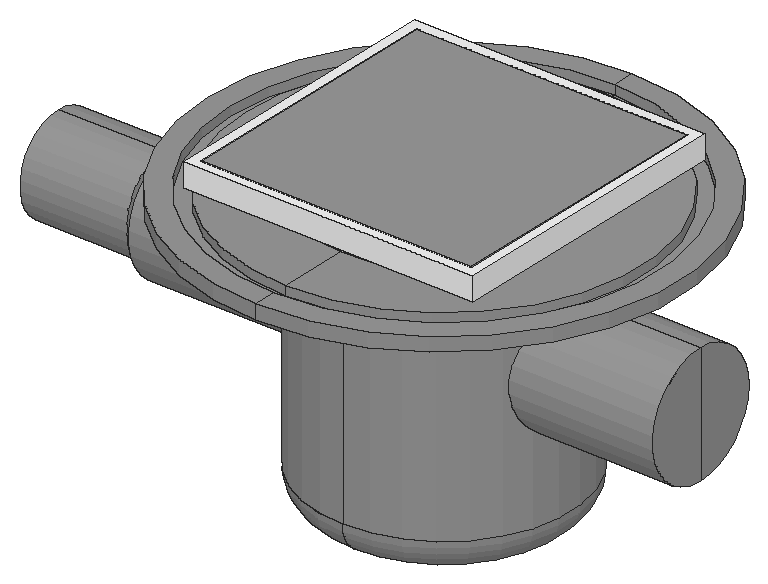
Revit family "HL_RU_Floor drain_HL300-A-160411", category Instalační zařizovací předměty, Revit 2021
Family settings
  Kóta kulaté spojky = Použít průměr
  Typ dílu = Normální
  Číslo OmniClass = 23.70.50.21.24.14
  Nadpis OmniClass = Deck Waste Water Drains
  Založené na pracovní rovině = Ne
  Vždy vertikální = Ano
  Ořezat dutým tvarem při načtení = Ne
  Sdílené = Ano
  Bod výpočtu místnosti = Ano
Parameters (values of type "131_HL300")
  РЕШЁТКА = "115x115mm / V2A"
  РАЗМЕР = "DN50"
  ПРОПУСКНАЯ СПОСОБНОСТЬ = 0.5 L/s
  ПРОИЗВОДИТЕЛЬНОСТЬ = "0,5 l/sec"
  ПРИЁМНОЕ ОТВЕРСТИЕ = "DN40/50"
  ПРАВОВАЯ ИНФОРМАЦИЯ = "Авторские права(©), права на дизайн или какие либо другие права интелектуальной собственности являются исключительной собственностью компании HL Hutterer & Lechner. Изменению не подлежит. Файл семейства с данными о прозводителе изделия защищен паролем с водяным знаком."  # constant formula
  НОМИНАЛЬНЫЙ ДИАМЕТР ПРИТОКА [instance] = 40 mm
  НОМИНАЛЬНЫЙ ДИАМЕТР = 50 mm
  НАСАДКА = "12-70mm / 123x123mm / PP"
  МАТЕРИАЛ = "PE"
  МАКСИМАЛЬНАЯ НАГРУЗКА КЛАССА = "K3 - 300 kg"
  ВЫСОТА МОНТАЖА = "135 mm"
  ВЕС = "0,80 [kg]"
  Výchozí výška = 0 mm
  Přípoj ventilace = no
  Výrobce = "HL Hutterer & Lechner GmbH"  # constant formula
  URL = "http://www.hutterer-lechner.com/ru/products/catalog/floor-drains/attachments/HL300.aspx"
  Přípoj odpadních dílů = yes
  Высота монтажа [instance] = 135 mm
  Přípoj HW = no
  Keynote = "HL300"
  Popis = "Трапы для внутренних помещений"
  Model = "HL300"
  Komentáře k typům = "HL300 Трап для внутренних помещений DN50 горизонтальный с приёмным отверстием DN40/50, 123х123мм/115х115мм"
  EAN = "9003076703005"
  DN_Test [instance] = if(or(НОМИНАЛЬНЫЙ ДИАМЕТР ПРИТОКА = 40 mm, НОМИНАЛЬНЫЙ ДИАМЕТР ПРИТОКА = 50 mm), 30 mm, 0 mm)  # 30 mm
  Přípoj CW = no
  C [instance] = if(НОМИНАЛЬНЫЙ ДИАМЕТР ПРИТОКА = 40 mm, 164 mm, 114 mm)  # 164 mm
  B [instance] = Высота монтажа - 71.3 mm  # 63.7 mm
  A [instance] = if(B - 100 mm > 15 mm, B - 100 mm, 15 mm)  # 15 mm
Reference planes
  plane 1 "Center (Front/Back)": y = 0
  plane 2: z = 0
  plane 3 "Center (Left/Right)": x = 0
  plane 4 "Ball Joint Vertical": x = 0
  plane 5: z = -63.7
  plane 6: z = -135
Lines and regions (mm)
  model lines, style "InvisibleLines", not visible
    curve 1: line (0, 0, 0) -> (0, 0, 963.723)
  symbolic lines, detail levels coarse+medium
    curve 2: line (-75, 75, 0) -> (75, 75, 0)
    curve 3: line (-75, -75, 0) -> (-75, 75, 0)
    curve 4: line (75, -75, 0) -> (-75, -75, 0)
    curve 5: line (75, 75, 0) -> (75, -75, 0)
    curve 6: line (75, 75, 0) -> (145.711, 145.711, 0)
    curve 7: line (75, -75, 0) -> (145.711, -145.711, 0)
    curve 8: line (-75, 75, 0) -> (-145.711, 145.711, 0)
    curve 9: line (-75, -75, 0) -> (-145.711, -145.711, 0)
  symbolic lines, not visible, detail levels coarse+medium
    curve 10: line (-75, 75, 0) -> (75, 75, 0)
    curve 11: line (-75, -75, 0) -> (-75, 75, 0)
    curve 12: line (75, -75, 0) -> (-75, -75, 0)
    curve 13: line (75, 75, 0) -> (75, -75, 0)
    curve 14: line (75, 75, 0) -> (145.711, 145.711, 0)
    curve 15: line (75, -75, 0) -> (145.711, -145.711, 0)
    curve 16: line (-75, 75, 0) -> (-145.711, 145.711, 0)
    curve 17: line (-75, -75, 0) -> (-145.711, -145.711, 0)
  model lines, style "PlumbingFixtures", detail levels coarse+medium
    curve 18: line (48.7, 0, 0) -> (0, 0, -48.7)
    curve 19: line (-48.7, 0, 0) -> (0, 0, -48.7)
    curve 20: line (0, 0, -48.7) -> (0, 0, -63.7)
    curve 21: line (0, 0, -63.7) -> (-55.768, 0, -63.7)
  reference lines
    curve 22: line (0, 0, -63.7) -> (-164, 0, -63.7)
  reference lines, not visible
    curve 23: line (0, 0, -63.7) -> (109, 0, -63.7)
  symbolic lines, style "InvisibleLines", not visible
    curve 24: line (0, 0, 0) -> (0, 0, -30)
  model lines, detail levels coarse+medium
    curve 25: line (109, 0, -63.7) -> (0, 0, -63.7)
    curve 26: line (0, 0, -63.7) -> (-164, 0, -63.7)
Text (mm)
  text "ПОЛ" at (-202.822, 0, -11.375), in view "Drain Construction View"
Dimensions and locks
  plane 3 "Center (Left/Right)" to nested 2 = 0 mm
  "A": curve 20 to plane 5
  "B": curve 19 to plane 5
  "B": curve 18 to plane 5
  "Высота монтажа": plane 2 to plane 6
  curve 20 to plane 4 "Ball Joint Vertical" = 0 mm
  "C": plane 3 "Center (Left/Right)" to curve 22
  "DN_Test": curve 24 to curve 24
  locked: curve 22 to curve 26
  locked: curve 23 to curve 25
  nested 2 to plane 6 = 3.362 mm
  "B": plane 2 to plane 5
  locked: nested 4 to plane 6 at 13.603
  locked: nested 2 to plane 6 at 119.35
  locked: curve 18 to plane 3 "Center (Left/Right)" (angle 45.00°)
  locked: plane 3 "Center (Left/Right)" to curve 19 (angle 45.00°)
  aligned and locked: level to plane 2
  aligned and locked: plane 2 to curve 24
Automatic sketch dimensions
  curve 1 to plane 3 "Center (Left/Right)" = 0 mm
  curve 21 to curve 20 = 55.768 mm
  level to curve 1 = 963.723 mm
  curve 23 to plane 3 "Center (Left/Right)" = 0 mm
  curve 23 to plane 5 = 0 mm
  plane 3 "Center (Left/Right)" to curve 23 = 109 mm
Nested families
  nested 1: "HL_Насадка_HL037N.2E" at (0, 0, 0), type "HL037N.2E_Main Component"
    with Высота монтажа 20 mm, RN 3, RL 19.5 mm, R no, NL_Test yes, NL 40 mm
  nested 2: "HL_Корпус для трапа внутренних помещений_HL300K" at (0, 0, -15.65) x (-1, 0, 0) z (0, 0, 1), НОМИНАЛЬНЫЙ ДИАМЕТР ПРИТОКА <- "НОМИНАЛЬНЫЙ ДИАМЕТР ПРИТОКА", type "HL300K_Main Component"
    with НОМИНАЛЬНЫЙ ДИАМЕТР ПРИТОКА 40 mm, A 0 mm
  nested 3: "HL_Решётка_HL037Pr.1E" at (0, 0, 0), type "HL037Pr.1E_Main Component"
  nested 4: "HL_Вкладыш сифона_HL0300.6E" at (0, 0, -27.397), type "HL0300.6E_Main Component"
Connectors
  piping at (109, 0, -63.7), diameter 50, driven by "ПРОПУСКНАЯ СПОСОБНОСТЬ", driven by "НОМИНАЛЬНЫЙ ДИАМЕТР"
    settings: on curve 23, index 1, connector inside diameter 609.6 mm, connector length 0 mm, flow factor 0, pipe flow 0.5 L/s, pressure drop 0.0 Pa, fitting loss kfactor 0, connector angle 0.00°, fixture units 0, engagement length 0 mm, angle of deflection 0.00°, flow configuration 1, flow direction 2, fitting loss method 0, system type 16, joint type 0, gender type 0, connector reference index 2, connector utility 0, adjustable connector yes, is connector primary yes, connector description ""
  piping at (-164, 0, -63.7), diameter 40, driven by "ПРОПУСКНАЯ СПОСОБНОСТЬ", driven by "НОМИНАЛЬНЫЙ ДИАМЕТР ПРИТОКА"
    settings: on curve 22, index 2, connector inside diameter 609.6 mm, connector length 0 mm, flow factor 1, pipe flow 0.5 L/s, pressure drop 0.0 Pa, fitting loss kfactor 0, connector angle 0.00°, fixture units 0, engagement length 0 mm, angle of deflection 0.00°, flow configuration 2, flow direction 1, fitting loss method 0, system type 16, joint type 0, gender type 0, connector reference index 1, connector utility 0, adjustable connector yes, is connector primary no, connector description ""
Definition of nested family "HL_Насадка_HL037N.2E"
  Parameters
    РАЗМЕР = "d 110 mm"
    ПРАВОВАЯ ИНФОРМАЦИЯ = "Авторские права(©), права на дизайн или какие либо другие права интелектуальной собственности являются исключительной собственностью компании HL Hutterer & Lechner. Изменению не подлежит. Файл семейства с данными о прозводителе изделия защищен паролем с водяным знаком."  # constant formula
    НАСАДКА = "123x123mm"
    МАТЕРИАЛ = "PP"
    Высота монтажа [instance] = 70 mm
    ВЫСОТА МОНТАЖА = "12-70mm"
    ВЕС = "0,08 [kg]"
    Waste Connection = yes
    Default Elevation = 0 mm
    Vent Connection = no
    RD = 6.5 mm  # constant formula
    R [instance] = ((Высота монтажа - NL_Min) / RD - 1) > 2  # yes
    RL [instance] = if(Высота монтажа < 18 mm, 1 mm, RD * RN)  # 71.5 mm
    NL_Test [instance] = and(or(Высота монтажа < NL_Max, Высота монтажа = NL_Max), or(Высота монтажа > NL_Min, Высота монтажа = NL_Min))  # yes
    NL_Min = 12 mm
    NL_Max = 70 mm
    NL [instance] = if(NL_Test, Высота монтажа + 20 mm, 0 mm)  # 90 mm
    RN [instance] = if((Высота монтажа + 20 mm - NL_Min) / RD - 1 < 2, 2, (Высота монтажа + 20 mm - NL_Min) / RD - 1)  # 11
    Manufacturer = "HL Hutterer & Lechner GmbH"  # constant formula
    URL = "http://www.hutterer-lechner.com/ru/products/catalog/floor-drains/attachments/HL037pr.11e.aspx"
    HW Connection = no
    Description = "Трапы для внутренних помещений - Комплектующие"
    Model = "HL037N.2E"
    Type Comments = "HL037N.2E Насадные подрамники d 110мм/90мм/123х123мм с О-кольцом"
    Keynote = "HL037N.2E"
    EAN = "9003076015290"
    CW Connection = no
  Reference planes
    plane 1 "Center (Front/Back)": y = 0
    plane 2: z = 0
    plane 3 "Center (Left/Right)": x = 0
    plane 4 "Ball Joint Vertical": x = 25.45
    plane 5: z = -90
  Forms (mm)
    Extrusion 1, solid, detail levels fine
      sketch origin (0, 0, 0) x (1, 0, 0) y (0, 1, 0)
        loop
          line (-61.5, 61.5) -> (-61.5, -61.5) -> (61.5, -61.5) -> (61.5, 61.5) -> (-61.5, 61.5)
      from -10 to 0
    Extrusion 2, solid, detail levels fine
      sketch origin (0, 0, 0) x (1, 0, 0) y (0, 1, 0)
        loop
          circle (0, 0) r 51.744
      from -90 to -10
    Extrusion 3, void
      sketch origin (0, 0, 0) x (1, 0, 0) y (0, 1, 0)
        loop
          line (-57.5, 57.5) -> (-57.5, -57.5) -> (57.5, -57.5) -> (57.5, 57.5) -> (-57.5, 57.5)
      from 0 to -8
  Cuts and joins
    Extrusion 3 cuts Extrusion 1
  Lines and regions (mm)
    symbolic lines
      curve 1: line (0, 0, -90) -> (0, 0, 0)
    model lines
      curve 2: line (0, 0, 0) -> (0, 0, 100)
  Text (mm)
    text "ROOF/FLOOR" at (-198.233, 0, -26.556), in view "Drain Construction View"
  Dimensions and locks
    locked: plane 4 "Ball Joint Vertical" to plane 3 "Center (Left/Right)" at 25.45
    "NL": plane 2 to plane 5
    equal spacing: group 1, group 3, group 4, group 5, group 6, group 7, group 8, group 9, group 10, group 11, group 2  (x3)
    "RL": nested 2 to nested 1
    locked: nested 1 to plane 5 at 1.516
    aligned and locked: level to plane 2
    aligned and locked: plane 3 "Center (Left/Right)" to nested 1
    aligned and locked: plane 1 "Center (Front/Back)" to nested 1
    aligned and locked: plane 2 to curve 1
    aligned and locked: plane 5 to curve 1
    aligned and locked: Extrusion 2 to plane 5
  Automatic sketch dimensions
    Extrusion 1 sketch curve to plane 3 "Center (Left/Right)" = 61.5 mm
    plane 4 "Ball Joint Vertical" to Extrusion 1 sketch curve = 36.05 mm
    plane 1 "Center (Front/Back)" to Extrusion 1 sketch curve = 61.5 mm
    Extrusion 1 sketch curve to plane 1 "Center (Front/Back)" = 61.5 mm
    plane 1 "Center (Front/Back)" to Extrusion 2 sketch curve = 0 mm
    Extrusion 2 sketch curve to plane 3 "Center (Left/Right)" = 0 mm
    Extrusion 3 sketch curve to plane 3 "Center (Left/Right)" = 57.5 mm
    plane 4 "Ball Joint Vertical" to Extrusion 3 sketch curve = 32.05 mm
    plane 1 "Center (Front/Back)" to Extrusion 3 sketch curve = 57.5 mm
    Extrusion 3 sketch curve to plane 1 "Center (Front/Back)" = 57.5 mm
    curve 2 to plane 3 "Center (Left/Right)" = 0 mm
    level to curve 2 = 100 mm
    radius of Extrusion 2 sketch curve = 51.744 mm
  Nested families
    nested 1: "Ring" at (0, 0, -88.484), visible <- "R", type "Ring"
      with R 51.7 mm, D 103.4 mm
    nested 2: "Ring" at (0, 0, -16.984), visible <- "R", type "Ring"
      with R 51.7 mm, D 103.4 mm
    nested 3: "Ring" at (0, 0, -81.334), visible <- "R", type "Ring"
      with R 51.7 mm, D 103.4 mm
    nested 4: "Ring" at (0, 0, -74.184), visible <- "R", type "Ring"
      with R 51.7 mm, D 103.4 mm
    nested 5: "Ring" at (0, 0, -67.034), visible <- "R", type "Ring"
      with R 51.7 mm, D 103.4 mm
    nested 6: "Ring" at (0, 0, -59.884), visible <- "R", type "Ring"
      with R 51.7 mm, D 103.4 mm
    nested 7: "Ring" at (0, 0, -52.734), visible <- "R", type "Ring"
      with R 51.7 mm, D 103.4 mm
    nested 8: "Ring" at (0, 0, -45.584), visible <- "R", type "Ring"
      with R 51.7 mm, D 103.4 mm
    nested 9: "Ring" at (0, 0, -38.434), visible <- "R", type "Ring"
      with R 51.7 mm, D 103.4 mm
    nested 10: "Ring" at (0, 0, -31.284), visible <- "R", type "Ring"
      with R 51.7 mm, D 103.4 mm
    nested 11: "Ring" at (0, 0, -24.134), visible <- "R", type "Ring"
      with R 51.7 mm, D 103.4 mm
  Definition of nested family "Ring"
    Parameters (values of type "Ring")
      Manufacturer = ""
      Default Elevation = 0 mm
      URL = ""
      R = D / 2  # 51.5 mm
      Description = ""
      Model = ""
      Material = none
      Type Comments = ""
      D = 103 mm
      Cost = 0
    Reference planes
      plane 1 "Střed (vpředu/vzadu)": y = 0
      plane 2: z = 0
      plane 3 "Střed (vlevo/vpravo)": x = 0
    Forms (mm)
      Revolve 1, solid, material <- "Material", detail levels fine
        sketch origin (0, 0, 0) x (1, 0, 0) y (0, 0, 1)
          loop
            line (-51.5, 1.482) -> (-54.764, 0) -> (-51.5, -1.516) -> (-51.5, 1.482)
          axis (0, 1.482) -> (0, -1.516)
        angle from 0 to 360
    Dimensions and locks
      "R": Revolve 1 sketch curve to plane 3 "Střed (vlevo/vpravo)"
      aligned and locked: level to plane 2
      aligned and locked: Revolve 1 sketch curve to plane 3 "Střed (vlevo/vpravo)"
    Automatic sketch dimensions
      Revolve 1 sketch curve to level = 0 mm
      Revolve 1 sketch curve to Revolve 1 sketch curve = 3.264 mm
      Revolve 1 sketch curve to level = 1.516 mm
      level to Revolve 1 sketch curve = 1.482 mm
      Revolve 1 sketch curve to level = 381 mm
      Revolve 1 sketch curve to Revolve 1 sketch curve = 2212.833 mm
Definition of nested family "HL_Корпус для трапа внутренних помещений_HL300K"
  Parameters (values of type "HL300K")
    РАЗМЕР = "DN50"
    ПРИЁМНОЕ ОТВЕРСТИЕ = "DN40/50"
    ПРАВОВАЯ ИНФОРМАЦИЯ = "Авторские права(©), права на дизайн или какие либо другие права интелектуальной собственности являются исключительной собственностью компании HL Hutterer & Lechner. Изменению не подлежит. Файл семейства с данными о прозводителе изделия защищен паролем с водяным знаком."  # constant formula
    НОМИНАЛЬНЫЙ ДИАМЕТР ПРИТОКА [instance] = 40 mm
    МАТЕРИАЛ = "PE"
    ВЫСОТА МОНТАЖА = "123 mm"
    ВЕС = "0,463 [kg]"
    Waste Connection = yes
    Default Elevation = 0 mm
    Vent Connection = no
    Manufacturer = "HL Hutterer & Lechner GmbH"  # constant formula
    URL = "http://www.hutterer-lechner.com/ru/products/catalog/floor-drains/attachments/HL300k.aspx"
    HW Connection = no
    Description = "Трапы для внутренних помещений - Комплектующие"
    Model = "HL300K"
    Type Comments = "HL300K Корпус трапа для внутренних помещений DN50 горизонтальный с отверстием DN40/50."
    Keynote = "HL300K"
    EAN = "9003076001675"
    CW Connection = no
    A [instance] = if(НОМИНАЛЬНЫЙ ДИАМЕТР ПРИТОКА = 40 mm, 0 mm, if(НОМИНАЛЬНЫЙ ДИАМЕТР ПРИТОКА = 50 mm, 50 mm, -10 mm))  # 0 mm
  Reference planes
    plane 1 "Center (Front/Back)": y = 0
    plane 2: z = 0
    plane 3 "Center (Left/Right)": x = 0
    plane 4 "Ball Joint Vertical": x = 25.45
  Forms (mm)
    Revolve 1, solid, detail levels fine
      sketch origin (0, 0, 0) x (0, 1, 0) y (0, 0, 1)
        loop
          line (100, -6) -> (100, 0) -> (90.5, 0) -> (90.5, -4) -> (84, -4) -> (84, 0) -> (55, 0) -> (55, -14.411) -> (41, -14.411) -> (41, -10.836) -> (39, -10.836) -> (39, -22.336) -> (34.5, -22.336) -> (34.5, -24.336) -> (42, -24.336) -> (42, -21.276) -> (50.5, -21.276) -> (51.5, -20.276) -> (51.5, -16.776) -> (56.5, -16.776)
          arc (56.5, -16.776) -> (57.207, -16.483) -> (57.5, -15.776) r 1
          line (57.5, -15.776) -> (58.208, -6) -> (58.208, -18.488) -> (60.5, -18.488) -> (60.5, -21.988) -> (51.804, -21.988) -> (51, -24.988) -> (51, -103.988)
          arc (51, -103.988) -> (47.485, -112.473) -> (39, -115.988) r 12
          line (39, -115.988) -> (0, -115.988) -> (0, -118.988) -> (39, -118.988)
          arc (39, -118.988) -> (49.607, -114.595) -> (54, -103.988) r 15
          line (54, -103.988) -> (54, -25.988) -> (63.5, -25.988) -> (63.5, -6) -> (100, -6)
        axis (0, 0) -> (0, -118.988)
      angle from 0 to 360
    Revolve 2, solid, detail levels fine
      sketch origin (0, 0, 0) x (1, 0, 0) y (0, 0, 1)
        loop
          line (42.757, -72.853) -> (114, -72.853) -> (118.865, -67.988) -> (164, -67.988) -> (164, -47.673) -> (42.757, -47.673) -> (42.757, -72.853)
        axis (164, -47.673) -> (42.757, -47.673)
      angle from 0 to 360
    Revolve 3, solid, detail levels fine
      sketch origin (0, 0, 0) x (1, 0, 0) y (0, 0, 1)
        loop
          line (-109, -47.595) -> (-109, -72.988) -> (-39, -72.988) -> (-39, -47.595) -> (-109, -47.595)
        axis (-109, -47.595) -> (-39, -47.595)
      angle from 0 to 360
    Revolve 4, void
      sketch origin (0, 0, -150) x (1, 0, 0) y (0, 0, 1)
        loop
          line (51, 125.012) -> (51.804, 128.012) -> (42.357, 128.012) -> (42.357, 125.344) -> (0, 125.344) -> (0, 45.344) -> (51, 45.344) -> (51, 125.012)
        axis (0, 45.344) -> (0, 128.012)
      angle from 0 to 360
    Extrusion 5, void
      sketch origin (164, 0, -47.673) x (0, 0, 1) y (0, 1, 0)
        loop
          line (29.185, 37.24) -> (-30.815, 37.24) -> (-30.815, -37.76) -> (29.185, -37.76) -> (29.185, 37.24)
      from -10 to 0 <- "A"
  Cuts and joins
    Revolve 4, Extrusion 5 cuts Revolve 2
    joined: Revolve 1, Revolve 2
    Revolve 4 cuts Revolve 3
  Text (mm)
    text "ROOF/FLOOR" at (-213.15, 0, -13.934), in view "Drain Construction View"
  Dimensions and locks
    locked: plane 4 "Ball Joint Vertical" to plane 3 "Center (Left/Right)" at 25.45
    aligned and locked: level to plane 2
    aligned and locked: Revolve 3 sketch curve to Revolve 3 sketch curve
Definition of nested family "HL_Решётка_HL037Pr.1E"
  Parameters (values of type "HL037Pr.1E")
    РАЗМЕР = "115x115mm"
    ПРАВОВАЯ ИНФОРМАЦИЯ = "Авторские права(©), права на дизайн или какие либо другие права интелектуальной собственности являются исключительной собственностью компании HL Hutterer & Lechner. Изменению не подлежит. Файл семейства с данными о прозводителе изделия защищен паролем с водяным знаком."  # constant formula
    МАТЕРИАЛ = "V2A"
    МАКСИМАЛЬНАЯ НАГРУЗКА КЛАССА = "K3 - 300 kg"
    ВЕС = "0,15 [kg]"
    Waste Connection = yes
    Default Elevation = 0 mm
    Vent Connection = no
    Manufacturer = "HL Hutterer & Lechner GmbH"  # constant formula
    URL = "http://www.hutterer-lechner.com/ru/products/catalog/floor-drains/attachments/HL037pr.1e.aspx"
    HW Connection = no
    Description = "Трапы для внутренних помещений - Комплектующие"
    Model = "HL037Pr.1E"
    Type Comments = "HL037Pr.1E Решётка из нержавеющей стали 115х115 мм"
    Keynote = "HL037Pr.1E"
    EAN = "9003076028474"
    CW Connection = no
  Reference planes
    plane 1 "Center (Front/Back)": y = 0
    plane 2: z = 0
    plane 3 "Center (Left/Right)": x = 0
    plane 4 "Ball Joint Vertical": x = 25.45
  Forms (mm)
    Extrusion 1, solid, detail levels fine
      sketch origin (0, 0, 0) x (1, 0, 0) y (0, 1, 0)
        loop
          line (57.5, 57.5) -> (-57.5, 57.5) -> (-57.5, -57.5) -> (57.5, -57.5) -> (57.5, 57.5)
      from 0 to -5
  Lines and regions (mm)
    model lines, detail levels fine
      curve 1: spline (-13.927, 0, 0) -> (-13.452, 1.165, 0) -> (-12.061, 2.25, 0) -> (-9.848, 3.182, 0) -> (-6.964, 3.897, 0) -> (-3.605, 4.347, 0) -> (0, 4.5, 0) -> (3.605, 4.347, 0) -> (6.964, 3.897, 0) -> (9.848, 3.182, 0) -> (12.061, 2.25, 0) -> (13.452, 1.165, 0) -> (13.927, 0, 0) -> (13.452, -1.165, 0) -> (12.061, -2.25, 0) -> (9.848, -3.182, 0) -> (6.964, -3.897, 0) -> (3.605, -4.347, 0) -> (0, -4.5, 0) -> (-3.605, -4.347, 0) -> (-6.964, -3.897, 0) -> (-9.848, -3.182, 0) -> (-12.061, -2.25, 0) -> (-13.452, -1.165, 0) -> (-13.927, 0, 0)
      curve 2: line (-5.9, 0.4, 0) -> (-11.9, 0.4, 0)
      curve 3: line (-3.65, -2, 0) -> (-3.65, 2, 0)
      curve 4: arc (-3.65, 2, 0) -> (-3.15, 2.5, 0) -> (-2.65, 2, 0) r 0.5
      curve 5: line (-2.65, 2, 0) -> (-2.65, 0.5, 0)
      curve 6: line (-2.65, 0.5, 0) -> (-0.65, 0.5, 0)
      curve 7: line (-0.65, 0.5, 0) -> (-0.65, 2, 0)
      curve 8: arc (-0.65, 2, 0) -> (-0.15, 2.5, 0) -> (0.35, 2, 0) r 0.5
      curve 9: line (0.35, 2, 0) -> (0.35, -2, 0)
      curve 10: arc (0.35, -2, 0) -> (-0.15, -2.5, 0) -> (-0.65, -2, 0) r 0.5
      curve 11: line (-0.65, -2, 0) -> (-0.65, -0.5, 0)
      curve 12: line (-0.65, -0.5, 0) -> (-2.65, -0.5, 0)
      curve 13: line (-2.65, -0.5, 0) -> (-2.65, -2, 0)
      curve 14: arc (-2.65, -2, 0) -> (-3.15, -2.5, 0) -> (-3.65, -2, 0) r 0.5
      curve 15: line (1.85, -2, 0) -> (1.85, 2, 0)
      curve 16: arc (1.85, 2, 0) -> (1.996, 2.354, 0) -> (2.35, 2.5, 0) r 0.5
      curve 17: arc (2.35, 2.5, 0) -> (2.704, 2.354, 0) -> (2.85, 2, 0) r 0.5
      curve 18: line (2.85, 2, 0) -> (2.85, -1, 0)
      curve 19: arc (2.85, -1, 0) -> (2.996, -1.354, 0) -> (3.35, -1.5, 0) r 0.5
      curve 20: line (3.35, -1.5, 0) -> (4.35, -1.5, 0)
      curve 21: arc (4.35, -1.5, 0) -> (4.85, -2, 0) -> (4.35, -2.5, 0) r 0.5
      curve 22: line (4.35, -2.5, 0) -> (2.35, -2.5, 0)
      curve 23: arc (2.35, -2.5, 0) -> (1.996, -2.354, 0) -> (1.85, -2, 0) r 0.5
      curve 24: line (12.1, 0.4, 0) -> (6.1, 0.4, 0)
      curve 25: line (-5.9, -0.4, 0) -> (-11.9, -0.4, 0)
      curve 26: line (12.1, -0.4, 0) -> (6.1, -0.4, 0)
      curve 27: line (-5.9, 0.4, 0) -> (-5.9, -0.4, 0)
      curve 28: line (-11.9, 0.4, 0) -> (-11.9, -0.4, 0)
      curve 29: line (6.1, 0.4, 0) -> (6.1, -0.4, 0)
      curve 30: line (12.1, 0.4, 0) -> (12.1, -0.4, 0)
      curve 31: arc (38.029, -24.059, 0) -> (45, 0, 0) -> (38.029, 24.059, 0) r 45
      curve 32: arc (38.029, 24.059, 0) -> (35.09, 25.896, 0) -> (31.82, 24.749, 0) r 4
      curve 33: arc (31.82, 24.749, 0) -> (30.673, 22.362, 0) -> (31.268, 19.782, 0) r 4
      curve 34: arc (31.268, 19.782, 0) -> (37, 0, 0) -> (31.268, -19.782, 0) r 37
      curve 35: arc (31.268, -19.782, 0) -> (30.673, -22.362, 0) -> (31.82, -24.749, 0) r 4
      curve 36: arc (31.82, -24.749, 0) -> (35.09, -25.896, 0) -> (38.029, -24.059, 0) r 4
      curve 37: arc (24.059, 38.029, 0) -> (0, 45, 0) -> (-24.059, 38.029, 0) r 45
      curve 38: arc (-24.059, 38.029, 0) -> (-25.896, 35.09, 0) -> (-24.749, 31.82, 0) r 4
      curve 39: arc (-24.749, 31.82, 0) -> (-22.362, 30.673, 0) -> (-19.782, 31.268, 0) r 4
      curve 40: arc (-19.782, 31.268, 0) -> (0, 37, 0) -> (19.782, 31.268, 0) r 37
      curve 41: arc (19.782, 31.268, 0) -> (22.362, 30.673, 0) -> (24.749, 31.82, 0) r 4
      curve 42: arc (24.749, 31.82, 0) -> (25.896, 35.09, 0) -> (24.059, 38.029, 0) r 4
      curve 43: arc (24.059, -38.029, 0) -> (0, -45, 0) -> (-24.059, -38.029, 0) r 45
      curve 44: arc (-24.059, -38.029, 0) -> (-25.896, -35.09, 0) -> (-24.749, -31.82, 0) r 4
      curve 45: arc (-24.749, -31.82, 0) -> (-22.362, -30.673, 0) -> (-19.782, -31.268, 0) r 4
      curve 46: arc (-19.782, -31.268, 0) -> (0, -37, 0) -> (19.782, -31.268, 0) r 37
      curve 47: arc (19.782, -31.268, 0) -> (22.362, -30.673, 0) -> (24.749, -31.82, 0) r 4
      curve 48: arc (24.749, -31.82, 0) -> (25.896, -35.09, 0) -> (24.059, -38.029, 0) r 4
      curve 49: arc (-38.029, -24.059, 0) -> (-45, 0, 0) -> (-38.029, 24.059, 0) r 45
      curve 50: arc (-38.029, 24.059, 0) -> (-35.09, 25.896, 0) -> (-31.82, 24.749, 0) r 4
      curve 51: arc (-31.82, 24.749, 0) -> (-30.673, 22.362, 0) -> (-31.268, 19.782, 0) r 4
      curve 52: arc (-31.268, 19.782, 0) -> (-37, 0, 0) -> (-31.268, -19.782, 0) r 37
      curve 53: arc (-31.268, -19.782, 0) -> (-30.673, -22.362, 0) -> (-31.82, -24.749, 0) r 4
      curve 54: arc (-31.82, -24.749, 0) -> (-35.09, -25.896, 0) -> (-38.029, -24.059, 0) r 4
    model lines
      curve 55: line (0, 0, 0) -> (0, 0, 100)
  Text (mm)
    text "ROOF/FLOOR" at (-198.233, 0, -26.556), in view "Drain Construction View"
  Dimensions and locks
    locked: plane 4 "Ball Joint Vertical" to plane 3 "Center (Left/Right)" at 25.45
    aligned and locked: level to plane 2
Definition of nested family "HL_Вкладыш сифона_HL0300.6E"
  Parameters (values of type "HL0300.6E")
    ПРАВОВАЯ ИНФОРМАЦИЯ = "Авторские права(©), права на дизайн или какие либо другие права интелектуальной собственности являются исключительной собственностью компании HL Hutterer & Lechner. Изменению не подлежит. Файл семейства с данными о прозводителе изделия защищен паролем с водяным знаком."  # constant formula
    ВЕС = "0,06 [kg]"
    Waste Connection = no
    Default Elevation = 0 mm
    Vent Connection = no
    Manufacturer = "HL Hutterer & Lechner GmbH"  # constant formula
    URL = "http://www.hutterer-lechner.com/ru/products/catalog/floor-drains/attachments/HL0300.6e.aspx"
    HW Connection = no
    Description = "Трапы для внутренних помещений - Комплектующие"
    Model = "HL0300.6E"
    Type Comments = "HL0300.6E Вкладыш запахозапирающий комплектный"
    Keynote = "HL0300.6E"
    EAN = "9003076001224"
    CW Connection = no
  Reference planes
    plane 1 "Center (Front/Back)": y = 0
    plane 2: z = 0
    plane 3 "Center (Left/Right)": x = 0
    plane 4 "Ball Joint Vertical": x = 25.45
  Forms (mm)
    Revolve 1, solid, detail levels fine
      sketch origin (0, 0, 0) x (0, 1, 0) y (0, 0, 1)
        loop
          line (34.779, -11) -> (32.485, -11) -> (32.485, -90) -> (34.779, -90) -> (34.779, -11)
        axis (0, -11) -> (0, -90)
      angle from 0 to 360
    Revolve 2, solid, detail levels fine
      sketch origin (0, 0, 0) x (0, 1, 0) y (0, 0, 1)
        loop
          line (38.4, 0) -> (22.7, -0.841) -> (22.7, -3.345) -> (34, -2.729) -> (34, -7) -> (32.485, -7) -> (32.485, -11) -> (38.4, -11) -> (38.4, 0)
        axis (0, 0) -> (0, -11)
      angle from 0 to 360
    Revolve 3, solid, detail levels fine
      sketch origin (0, 0, 0) x (0, 1, 0) y (0, 0, 1)
        loop
          line (22.9, -67) -> (24.48, -67) -> (24.48, -45.01)
          arc (24.48, -45.01) -> (17.215, -28.215) -> (0, -22.01) r 23.045
          line (0, -22.01) -> (0, -23.606)
          arc (0, -23.606) -> (16.161, -29.985) -> (22.9, -46) r 22.4
          line (22.9, -46) -> (22.9, -67)
        axis (0, -22.01) -> (0, -67)
      angle from 0 to 360
    Extrusion 4, solid, detail levels fine
      sketch origin (0, 0, 0) x (1, 0, 0) y (0, 1, 0)
        loop
          line (29.77, 13) -> (-29.77, 13)
          arc (-29.77, 13) -> (-32.485, 0) -> (-29.77, -13) r 32.485
          line (-29.77, -13) -> (29.77, -13)
          arc (29.77, -13) -> (32.485, 0) -> (29.77, 13) r 32.485
      from -86 to -90
    Extrusion 5, solid, detail levels fine
      sketch origin (0, 0, 0) x (1, 0, 0) y (0, 1, 0)
        loop
          line (-29, 11) -> (29, 11) -> (29, 13) -> (-29, 13) -> (-29, 11)
        loop
          line (-29, -11) -> (-29, -13) -> (29, -13) -> (29, -11) -> (-29, -11)
      from -90 to -94
  Cuts and joins
    joined: Revolve 1, Extrusion 4, Extrusion 5
  Text (mm)
    text "ROOF/FLOOR" at (-198.233, 0, -26.556), in view "Drain Construction View"
  Dimensions and locks
    locked: plane 4 "Ball Joint Vertical" to plane 3 "Center (Left/Right)" at 25.45
    aligned and locked: level to plane 2
